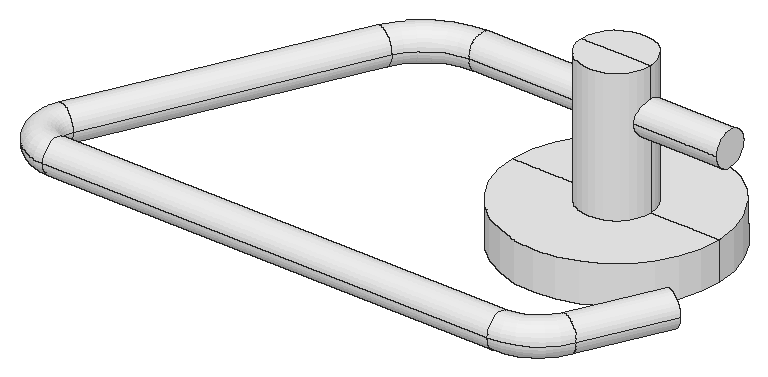
Revit family "Paper_Holder-Grohe-Essentials-40689_Series", category Specialty Equipment, host Face, Revit 2018
Family settings
  Host = Face
  Round Connector Dimension = Use Diameter
  Part Type = Normal
  OmniClass Number = 23.40.20.21.31
  OmniClass Title = Robe Hooks
  Cut with Voids When Loaded = No
  Shared = Yes
  Room Calculation Point = No
Parameters (values of type "40689001")
  Width = 2 1/8"  # constant formula
  URL = "https://www.grohe.us"
  Type Comments = ""
  Revised Date = "05/28/2021"  # constant formula
  Product Page URL = "https://www.grohe.us/Toilet-Paper-Holders/Paper-Holder/GROHE-CHROME-40689001"
  Product Documentation Link = "https://americanstandard.box.com/shared/static/gu0u9v8wh3kzooa8p4gtseg60gq3wf68.pdf"
  Price = "Prices may vary. Please consult Manufacturer Representative for most up-to-date price list."  # constant formula
  Model = "40689001"
  Material = "Metal-Grohe-001-StarLight Chrome"
  Manufacturer = "Grohe"  # constant formula
  Length = 1 3/4"  # constant formula
  Label = ""
  Installation Type = "Wall Mounted"  # constant formula
  Height = 4 11/16"  # constant formula
  Finish = Metal-Grohe-001-StarLight Chrome
  Description = "Essentials Toilet Paper Holder"  # constant formula
  Default Elevation = 26"  # constant formula
  Creation Date = "08/30/2017"  # constant formula
  Assembly Code = "C1030200"
Types (5): name | Product Page URL | Model | Material | Finish
  40689GN1 | "https://www.grohe.us/Toilet-Paper-Holders/Paper-Holder/GROHE-BRUSHED-COOL-SUNRISE-40689GN1" | "40689GN1" | "Metal-Grohe-GN1-Brushed Cool Sunrise" | Metal-Grohe-GN1-Brushed Cool Sunrise
  40689001 | "https://www.grohe.us/Toilet-Paper-Holders/Paper-Holder/GROHE-CHROME-40689001" | "40689001" | "Metal-Grohe-001-StarLight Chrome" | Metal-Grohe-001-StarLight Chrome
  40689BE1 | "https://www.grohe.us/Toilet-Paper-Holders/Paper-Holder/GROHE-POLISHED-NICKEL-40689BE1" | "40689BE1" | "Metal-Grohe-BE1-Polished Nickel Infinity Finish" | Metal-Grohe-BE1-Polished Nickel Infinity Finish
  40689EN1 | "https://www.grohe.us/Toilet-Paper-Holders/Paper-Holder/GROHE-BRUSHED-NICKEL-40689EN1" | "40689EN1" | "Metal-Grohe-EN1-Brushed Nickel Infinity Finish" | Metal-Grohe-EN1-Brushed Nickel Infinity Finish
  40689A01 | "https://www.grohe.us/Toilet-Paper-Holders/Paper-Holder/GROHE-HARD-GRAPHITE-40689A01" | "40689A01" | "Metal-Grohe-A01-Hard Graphite" | Metal-Grohe-A01-Hard Graphite
Reference planes (in)
  plane 1 "Center (Front/Back)": y = 0
  plane 2: z = 0
  plane 3 "Center (Left/Right)": x = 0
  plane 4: z = 1.75
  plane 5: x = -1.0625
  plane 6: x = 1.0625
  plane 7: z = 1.27076
  plane 8: y = 1.0625
  plane 9: y = -1.0625
  plane 10: y = -3.625
Forms (in)
  Revolve 1, solid, material "Metal-Grohe-001-StarLight Chrome" <- "Finish"
    sketch origin (0, 0, 0) x (1, 0, 0) y (0, 0, 1)
      loop
        line (0, 1.75) -> (-0.35433, 1.75) -> (-0.35433, 0.3937) -> (-1.0625, 0.3937) -> (-1.0625, 0) -> (0, 0) -> (0, 1.75)
      axis (0, 1.75) -> (0, 0)
    angle from 0 to 360
  Sweep 2, solid, material "Metal-Grohe-001-StarLight Chrome" <- "Finish"
    path origin (0, 8.98391, 0) x (1, 0, 0) y (0, 1, 0)
      loop
        line (1.17223, -8.98391) -> (-1.38498, -8.98391)
        arc (-1.38498, -8.98391) -> (-1.78795, -9.10137) -> (-2.06471, -9.41695) r 0.75
        line (-2.06471, -9.41695) -> (-3.27201, -12.00602)
        arc (-3.27201, -12.00602) -> (-3.25191, -12.31281) -> (-2.98236, -12.46069) r 0.3196
        line (-2.98236, -12.46069) -> (1.58837, -12.46069)
        arc (1.58837, -12.46069) -> (1.85702, -12.38239) -> (2.04152, -12.172) r 0.5
        line (2.04152, -12.172) -> (2.43518, -11.32781)
    profile origin (-0.10638, 0, 0) x (0, -1, 0) y (0, 0, 1)
      loop
        circle (0, 1.27076) r 0.17166
Cuts and joins
  joined: Revolve 1, Sweep 2
Lines and regions (in)
  Masking region 1
    outline origin (0, 0, 0) x (1, 0, 0) y (0, 0, 1)
      loop
        line (1.0625, 0) -> (1.0625, 0.3937) -> (0.35433, 0.3937) -> (0.35433, 1.0991) -> (2.43518, 1.0991)
        spline (2.43518, 1.0991) -> (2.45548, 1.10057) -> (2.47544, 1.10495) -> (2.49471, 1.11216) -> (2.51297, 1.1221) -> (2.52989, 1.13457) -> (2.54519, 1.14938) -> (2.55861, 1.16626) -> (2.56991, 1.18493) -> (2.57891, 1.20507) -> (2.58546, 1.22633) -> (2.58943, 1.24836) -> (2.59076, 1.27076)
        spline (2.59076, 1.27076) -> (2.58943, 1.29317) -> (2.58546, 1.31519) -> (2.57891, 1.33645) -> (2.56991, 1.35659) -> (2.55861, 1.37526) -> (2.54519, 1.39215) -> (2.52989, 1.40695) -> (2.51297, 1.41943) -> (2.49471, 1.42936) -> (2.47544, 1.43658) -> (2.45548, 1.44096) -> (2.43518, 1.44243)
        line (2.43518, 1.44243) -> (0.35433, 1.44243) -> (0.35433, 1.75) -> (-0.35433, 1.75) -> (-0.35433, 1.44243) -> (-3.29877, 1.44243)
        arc (-3.29877, 1.44243) -> (-3.47043, 1.27076) -> (-3.29877, 1.0991) r 0.17166
        line (-3.29877, 1.0991) -> (-0.35433, 1.0991) -> (-0.35433, 0.3937) -> (-1.0625, 0.3937) -> (-1.0625, 0) -> (1.0625, 0)
  symbolic lines, detail levels medium+fine
    curve 1: spline (2.2796, 0, 1.27076) -> (2.2849, 0, 1.31519) -> (2.30044, 0, 1.35659) -> (2.32516, 0, 1.39215) -> (2.35739, 0, 1.41943) -> (2.39491, 0, 1.43658) -> (2.43518, 0, 1.44243) -> (2.47544, 0, 1.43658) -> (2.51297, 0, 1.41943) -> (2.54519, 0, 1.39215) -> (2.56991, 0, 1.35659) -> (2.58546, 0, 1.31519) -> (2.59076, 0, 1.27076)
    curve 2: spline (2.59076, 0, 1.27076) -> (2.58546, 0, 1.22633) -> (2.56991, 0, 1.18493) -> (2.54519, 0, 1.14938) -> (2.51297, 0, 1.1221) -> (2.47544, 0, 1.10495) -> (2.43518, 0, 1.0991) -> (2.39491, 0, 1.10495) -> (2.35739, 0, 1.1221) -> (2.32516, 0, 1.14938) -> (2.30044, 0, 1.18493) -> (2.2849, 0, 1.22633) -> (2.2796, 0, 1.27076)
    curve 7: line (-1.0625, 0, 0.3937) -> (1.0625, 0, 0.3937)
  symbolic lines, detail levels fine
    curve 3: line (0.30997, 0, 1.27076) -> (0.35433, 0, 1.0991)
    curve 4: line (0.35433, 0, 1.44243) -> (0.30997, 0, 1.27076)
    curve 5: line (-0.30997, 0, 1.27076) -> (-0.35433, 0, 1.44243)
    curve 6: line (-0.35433, 0, 1.0991) -> (-0.30997, 0, 1.27076)
Dimensions and locks (in)
  "Length": plane 4 to host face
  "Width": plane 8 to plane 9
  "Height": plane 8 to plane 10
  aligned and locked: plane 2 to host face
  aligned and locked: level to host face
  aligned and locked: curve 7 to cut or joined group of Revolve 1, Sweep 2
Automatic sketch dimensions
  host sketch curve to host sketch curve = 96"  (x2)
  plane 5 to Revolve 1 sketch curve = 0"
  Revolve 1 sketch curve to plane 4 = 0"
  Revolve 1 sketch curve to plane 3 "Center (Left/Right)" = 0"  (x2)
  Revolve 1 sketch curve to level = 0"
  Revolve 1 sketch curve to Revolve 1 sketch curve = 0.35433"
  level to Revolve 1 sketch curve = 0.3937"
  Revolve 1 sketch curve to level = 0.13498"
  Revolve 1 sketch curve to Revolve 1 sketch curve = 0.11502"
  plane 1 "Center (Front/Back)" to Sweep 2 sketch curve = 0"
  plane 5 to Sweep 2 sketch curve = 2.20951"
  Sweep 2 sketch curve to Sweep 2 sketch curve = 0.28966"
  plane 1 "Center (Front/Back)" to Sweep 2 sketch curve = 0.43304"
  plane 5 to Sweep 2 sketch curve = 1.00221"
  plane 5 to Sweep 2 sketch curve = 0.32248"
  plane 6 to Sweep 2 sketch curve = 0.52587"
  Sweep 2 sketch curve to Sweep 2 sketch curve = 0.45315"
  plane 1 "Center (Front/Back)" to Sweep 2 sketch curve = 2.97678"
  Sweep 2 sketch curve to Sweep 2 sketch curve = 2.58907"
  Sweep 2 sketch curve to Sweep 2 sketch curve = 0.13507"
  plane 6 to Sweep 2 sketch curve = 0.10973"
  Sweep 2 sketch curve to Sweep 2 sketch curve = 0.39365"
  Sweep 2 sketch curve to Sweep 2 sketch curve = 0.84419"
  Sweep 2 sketch curve to profile plane = 0"
  Sweep 2 sketch curve to plane 7 = 0"
  Masking region 1 sketch curve to level = 0"
  plane 5 to Masking region 1 sketch curve = 0"
  Masking region 1 sketch curve to plane 4 = 0"
  Masking region 1 sketch curve to plane 6 = 0"
  Masking region 1 sketch curve to plane 4 = 0.30757"  (x2)
  plane 5 to Masking region 1 sketch curve = 2.23627"
  Masking region 1 sketch curve to plane 3 "Center (Left/Right)" = 0.35433"  (x2)
  plane 3 "Center (Left/Right)" to Masking region 1 sketch curve = 0.35433"  (x2)
  level to Masking region 1 sketch curve = 0.3937"
  Masking region 1 sketch curve to Masking region 1 sketch curve = 0.3937"
  Masking region 1 sketch curve to plane 4 = 0.6509"
  Masking region 1 sketch curve to Masking region 1 sketch curve = 0.34333"
  plane 6 to Masking region 1 sketch curve = 1.37268"
  Masking region 1 sketch curve to Masking region 1 sketch curve = 0"  (x2)
  Masking region 1 sketch curve to Masking region 1 sketch curve = 0.15558"
  plane 6 to curve 1 = 1.2171"
  curve 2 to plane 4 = 0.47924"
  curve 1 to curve 1 = 0.15558"
  curve 1 to curve 2 = 0.17166"
  curve 1 to curve 2 = 0"
  plane 3 "Center (Left/Right)" to curve 4 = 0.30997"
  curve 3 to plane 4 = 0.47924"
  curve 3 to curve 4 = 0.04436"
  curve 3 to curve 3 = 0.04436"
  curve 3 to curve 3 = 0.17166"
  curve 3 to curve 4 = 0.17166"
  curve 6 to plane 3 "Center (Left/Right)" = 0.30997"
  curve 5 to plane 4 = 0.47924"
  curve 5 to curve 5 = 0.04436"
  curve 6 to curve 5 = 0.04436"
  curve 6 to curve 5 = 0.17166"
  curve 5 to curve 5 = 0.17166"
  plane 5 to curve 7 = 0"
  curve 7 to plane 6 = 0"
  radius of Sweep 2 sketch curve = 0.17166"
